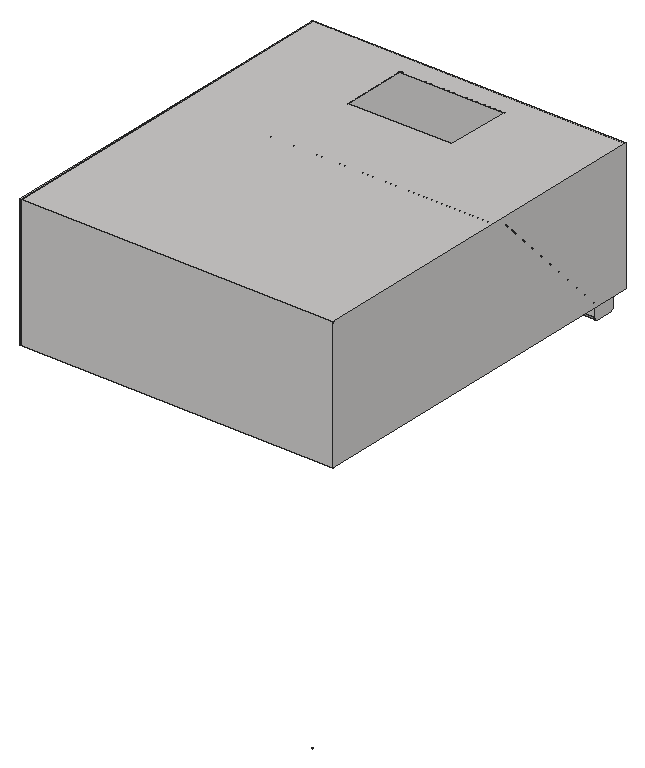
Revit family "QF_ELECTROLUXPROFESSIONAL_642023_EP1412T", category Specialty Equipment, Revit 2014
Reference planes
  plane 1: z = 0
  plane 2 "Center (Left/Right)": x = 150
  plane 3 "LEFT": x = -450
  plane 4 "RIGHT": x = 750
  plane 5 "BACK": y = 550
  plane 6 "TOP": z = 2500
  plane 7 "Base": z = 2000
  plane 8: z = 1926
  plane 9 "DrainY": y = 485
  plane 10: x = -447
  plane 11: through (0, 414.509, 2000.8) normal (0, 0.7314, 0.682)
  plane 12: y = 470
  plane 13: y = 220
  plane 14 "DrainX": x = 630
  plane 15: x = -50
  plane 16: x = 350
  plane 17: x = 747
  plane 18: x = 540
  plane 19: x = 720
  plane 20: x = -410
  plane 21: x = 710
  plane 22: x = -47.5
  plane 23: x = 347.5
  plane 24 "Center (Front/Back)": y = -150
  plane 25 "Front": y = -850
Forms (mm)
  Extrusion 1, solid, material "QF_Finishes_Stainless Steel"
    sketch origin (-450, 0, 360) x (0, 1, 0) y (0, 0, 1)
      loop
        line (550, 1640) -> (550, 2140) -> (-850, 2140) -> (-850, 1640) -> (550, 1640)
    from 0 to 3
  Extrusion 2, solid, material "QF_Finishes_Stainless Steel"
    sketch origin (150, 0, 360) x (0, 1, 0) y (0, 0, 1)
      loop
        line (415.255, 1640) -> (550, 1640) -> (550, 2139.19) -> (549.2, 2139.19) -> (549.2, 1640.8) -> (415.876, 1640.8) -> (339.347, 1722.867) -> (349.609, 1732.436) -> (348.927, 1733.167) -> (337.934, 1722.917) -> (415.255, 1640)
      loop
        line (-82.203, 2139.19) -> (-82.203, 2118.6) -> (-31.047, 2118.6) -> (34.354, 2048.466) -> (46.028, 2059.352) -> (45.346, 2060.083) -> (34.403, 2049.879) -> (-30.612, 2119.6) -> (-81.203, 2119.6) -> (-81.203, 2139.19) -> (-82.203, 2139.19)
    from -597 to 597
  Extrusion 3, solid, material "QF_Finishes_Stainless Steel"
    sketch origin (750, 0, 360) x (0, 1, 0) y (0, 0, 1)
      loop
        line (550, 1640) -> (550, 2140) -> (-850, 2140) -> (-850, 1640) -> (550, 1640)
    from 0 to -3
  Extrusion 4, solid, material "QF_Finishes_Stainless Steel"
    sketch origin (150, 0, 360) x (0, 1, 0) y (0, 0, 1)
      loop
        line (-850, 2140) -> (-850, 1640) -> (-849.2, 1640) -> (-849.2, 2139.19) -> (550, 2139.19) -> (550, 2140) -> (-850, 2140)
    from -600 to 600
  Extrusion 5, solid, material "QF_Finishes_Stainless Steel"
    sketch origin (150, 0, 360) x (0, 1, 0) y (0, 0, 1)
      loop
        line (534, 1640) -> (436, 1640) -> (436, 1627) -> (443.5, 1627) -> (443.5, 1576)
        arc (443.5, 1576) -> (446.429, 1568.929) -> (453.5, 1566) r 10
        line (453.5, 1566) -> (516.5, 1566)
        arc (516.5, 1566) -> (523.571, 1568.929) -> (526.5, 1576) r 10
        line (526.5, 1576) -> (526.5, 1627) -> (534, 1627) -> (534, 1640)
    from 390 to 570
  Extrusion 6, solid, material "QF_Finishes_Stainless Steel"
    sketch origin (0, 0, 2000) x (0, 1, 0) y (-1, 0, 0)
      loop
        circle (485, -630) r 20
    from -76 to -74
  Extrusion 7, solid, material "QF_Finished_Chrome"
    sketch origin (150, 0, 360) x (0, 1, 0) y (0, 0, 1)
      loop
        line (337.934, 1722.917) -> (341.591, 1726.327) -> (38.011, 2051.876) -> (34.354, 2048.466) -> (337.934, 1722.917)
    from -197.5 to -560
  Extrusion 8, solid, material "QF_Finishes_Stainless Steel"
    sketch origin (150, 0, 360) x (0, 1, 0) y (0, 0, 1)
      loop
        line (337.934, 1722.917) -> (341.591, 1726.327) -> (38.011, 2051.876) -> (34.354, 2048.466) -> (337.934, 1722.917)
    from 597 to 560
  Extrusion 9, solid, material "QF_Finished_Chrome"
    sketch origin (150, 0, 360) x (0, 1, 0) y (0, 0, 1)
      loop
        line (341.588, 1726.324) -> (38.009, 2051.874) -> (34.354, 2048.466) -> (337.934, 1722.917) -> (341.588, 1726.324)
    from 197.5 to 560
  Extrusion 10, void
    sketch origin (0, 0, 2500) x (0, 1, 0) y (-1, 0, 0)
      loop
        line (470, -350) -> (470, 50) -> (220, 50) -> (220, -350) -> (470, -350)
    from 0 to -10
  Extrusion 11, solid, material "QF_Finishes_Stainless Steel"
    sketch origin (0, 0, 0) x (1, 0, 0) y (0, 1, 0)
      loop
        line (-450, 550) -> (-450, 549) -> (-449, 549) -> (-449, 550) -> (-450, 550)
    from 0 to 1
  Extrusion 12, solid, material "QF_Finishes_Stainless Steel"
    sketch origin (150, 0, 360) x (0, 1, 0) y (0, 0, 1)
      loop
        line (337.934, 1722.917) -> (341.591, 1726.327) -> (38.011, 2051.876) -> (34.354, 2048.466) -> (337.934, 1722.917)
    from -560 to -597
  Extrusion 13, solid, material "QF_Finishes_Stainless Steel"
    sketch origin (150, 0, 360) x (0, 1, 0) y (0, 0, 1)
      loop
        line (337.934, 1722.917) -> (341.591, 1726.327) -> (38.011, 2051.876) -> (34.354, 2048.466) -> (337.934, 1722.917)
    from 197.5 to -197.5
Cuts and joins
  Extrusion 10 cuts Extrusion 4
  joined: Extrusion 2, Extrusion 4
Lines and regions (mm)
  reference lines
    curve 1: line (150, 34.354, 2408.466) -> (150, 34.354, 2248.466)
  symbolic lines, style "SpecialityEquipment", detail levels coarse
    curve 2: line (750, 550, 2500) -> (-450, 550, 2500)
    curve 3: line (-450, 550, 2500) -> (-450, -850, 2500)
    curve 4: line (750, -850, 2500) -> (750, 550, 2500)
    curve 5: line (-450, -850, 2500) -> (750, -850, 2500)
    curve 6: line (350, 220, 2500) -> (-50, 220, 2500)
    curve 7: line (350, 470, 2500) -> (350, 220, 2500)
    curve 8: line (-50, 470, 2500) -> (350, 470, 2500)
    curve 9: line (-50, 220, 2500) -> (-50, 470, 2500)
    curve 10: line (-450, 550, 0) -> (750, -850, 0)
    curve 11: line (750, 550, 0) -> (-450, -850, 0)
Dimensions and locks
  plane 3 "LEFT" to plane 4 "RIGHT" = 1200 mm
  equal spacing: plane 3 "LEFT", plane 2 "Center (Left/Right)", plane 4 "RIGHT"
  plane 7 "Base" to plane 8 = 74 mm
  plane 5 "BACK" to plane 9 "DrainY" = 65 mm  (x2)
  plane 3 "LEFT" to plane 10 = 3 mm
  plane 5 "BACK" to plane 12 = 80 mm
  plane 12 to plane 13 = 250 mm  (x2)
  plane 14 "DrainX" to plane 4 "RIGHT" = 120 mm
  plane 17 to plane 4 "RIGHT" = 3 mm
  locked: plane 18 to plane 14 "DrainX" at 90
  locked: plane 14 "DrainX" to plane 19 at 90
  plane 12 to plane 5 "BACK" = 80 mm
  locked: plane 3 "LEFT" to plane 20 at 40
  locked: plane 21 to plane 4 "RIGHT" at 40
  locked: plane 22 to plane 23 at 395
  equal spacing: plane 22, plane 2 "Center (Left/Right)", plane 23
  locked: plane 15 to plane 16 at 400
  equal spacing: plane 15, plane 2 "Center (Left/Right)", plane 16
  locked: plane 7 "Base" to level at 2000
  locked: plane 6 "TOP" to plane 7 "Base" at 500
  plane 5 "BACK" to plane 25 "Front" = 1400 mm  (x2)
  equal spacing: plane 5 "BACK", plane 24 "Center (Front/Back)", plane 25 "Front"
  aligned and locked: level to plane 1
  aligned and locked: Extrusion 2 to Extrusion 1
  aligned and locked: Extrusion 2 to Extrusion 3
  aligned and locked: plane 4 "RIGHT" to Extrusion 4
  aligned and locked: Extrusion 4 to plane 3 "LEFT"
  aligned and locked: plane 17 to Extrusion 8
  aligned and locked: Extrusion 10 to plane 15
  aligned and locked: Extrusion 10 to plane 13
  aligned and locked: Extrusion 10 to plane 12
  aligned and locked: Extrusion 2 to Extrusion 4
  aligned and locked: plane 19 to Extrusion 5
  aligned and locked: Extrusion 5 to plane 18
  aligned and locked: Extrusion 8 to plane 21
  aligned and locked: Extrusion 9 to plane 21
  aligned and locked: Extrusion 7 to plane 20
  aligned and locked: Extrusion 12 to plane 10
  aligned and locked: plane 20 to Extrusion 12
  aligned and locked: Extrusion 3 to plane 17
  aligned and locked: Extrusion 10 to plane 16
  aligned and locked: plane 16 to curve 7
  aligned and locked: plane 23 to Extrusion 13
  aligned and locked: Extrusion 13 to plane 22
  aligned and locked: Extrusion 9 to plane 23
Automatic sketch dimensions
  Extrusion 2 sketch curve to plane 11 = 0 mm  (x3)
  Extrusion 2 sketch curve to plane 7 "Base" = 0 mm
  plane 11 to Extrusion 2 sketch curve = 0 mm
  Extrusion 2 sketch curve to plane 5 "BACK" = 0 mm
  Extrusion 2 sketch curve to Extrusion 2 sketch curve = 65.646 mm
  Extrusion 2 sketch curve to Extrusion 2 sketch curve = 0.682 mm  (x2)
  Extrusion 2 sketch curve to Extrusion 2 sketch curve = 10.261 mm
  plane 7 "Base" to Extrusion 2 sketch curve = 82.917 mm
  Extrusion 2 sketch curve to Extrusion 2 sketch curve = 10.942 mm
  Extrusion 2 sketch curve to Extrusion 2 sketch curve = 0.049 mm
  Extrusion 2 sketch curve to plane 6 "TOP" = 20.4 mm
  Extrusion 2 sketch curve to plane 6 "TOP" = 21.4 mm
  Extrusion 2 sketch curve to plane 6 "TOP" = 0.81 mm  (x2)
  Extrusion 2 sketch curve to Extrusion 2 sketch curve = 50.156 mm
  Extrusion 2 sketch curve to Extrusion 2 sketch curve = 1 mm
  plane 7 "Base" to Extrusion 2 sketch curve = 0.8 mm
  Extrusion 2 sketch curve to plane 5 "BACK" = 0.8 mm
  Extrusion 3 sketch curve to plane 7 "Base" = 0 mm
  Extrusion 3 sketch curve to plane 5 "BACK" = 0 mm
  Extrusion 3 sketch curve to plane 6 "TOP" = 0 mm
  Extrusion 4 sketch curve to plane 5 "BACK" = 0 mm
  Extrusion 4 sketch curve to plane 6 "TOP" = 0 mm
  Extrusion 4 sketch curve to plane 6 "TOP" = 0.81 mm
  curve 1 to plane 11 = 0 mm
  Extrusion 5 sketch curve to plane 7 "Base" = 0 mm
  Extrusion 5 sketch curve to plane 8 = 0 mm
  Extrusion 5 sketch curve to plane 7 "Base" = 13 mm  (x2)
  plane 12 to Extrusion 5 sketch curve = 34 mm
  Extrusion 5 sketch curve to Extrusion 5 sketch curve = 7.5 mm  (x2)
  Extrusion 5 sketch curve to Extrusion 5 sketch curve = 10 mm
  plane 9 "DrainY" to Extrusion 5 sketch curve = 31.5 mm
  Extrusion 5 sketch curve to plane 5 "BACK" = 23.5 mm
  Extrusion 6 sketch curve to plane 9 "DrainY" = 0 mm
  Extrusion 6 sketch curve to plane 14 "DrainX" = 0 mm
  Extrusion 7 sketch curve to plane 11 = 0 mm  (x2)
  Extrusion 7 sketch curve to Extrusion 7 sketch curve = 3.657 mm
  plane 7 "Base" to Extrusion 7 sketch curve = 82.917 mm
  Extrusion 8 sketch curve to plane 11 = 0 mm  (x2)
  Extrusion 8 sketch curve to Extrusion 8 sketch curve = 3.657 mm
  plane 7 "Base" to Extrusion 8 sketch curve = 82.917 mm
  Extrusion 9 sketch curve to plane 11 = 0 mm  (x2)
  Extrusion 9 sketch curve to Extrusion 9 sketch curve = 3.655 mm
  plane 7 "Base" to Extrusion 9 sketch curve = 82.917 mm
  Extrusion 10 sketch curve to plane 13 = 0 mm
  plane 12 to Extrusion 10 sketch curve = 0 mm
  Extrusion 10 sketch curve to plane 16 = 0 mm
  Extrusion 10 sketch curve to plane 15 = 0 mm
  Extrusion 11 sketch curve to plane 3 "LEFT" = 0 mm
  Extrusion 11 sketch curve to plane 5 "BACK" = 0 mm
  plane 3 "LEFT" to Extrusion 11 sketch curve = 1 mm
  Extrusion 11 sketch curve to Extrusion 11 sketch curve = 1 mm
  Extrusion 12 sketch curve to plane 11 = 0 mm  (x2)
  Extrusion 12 sketch curve to Extrusion 12 sketch curve = 3.657 mm
  plane 7 "Base" to Extrusion 12 sketch curve = 82.917 mm
  Extrusion 13 sketch curve to plane 11 = 0 mm  (x2)
  Extrusion 13 sketch curve to Extrusion 13 sketch curve = 3.657 mm
  plane 7 "Base" to Extrusion 13 sketch curve = 82.917 mm
  Extrusion 1 sketch curve to plane 5 "BACK" = 0 mm
  Extrusion 1 sketch curve to plane 6 "TOP" = 0 mm
  Extrusion 1 sketch curve to plane 7 "Base" = 0 mm
  Extrusion 4 sketch curve to plane 7 "Base" = 0 mm
  curve 1 to curve 1 = 160 mm
  Extrusion 4 sketch curve to Extrusion 4 sketch curve = 0.8 mm
  Extrusion 1 sketch curve to plane 13 = 1070 mm
  Extrusion 2 sketch curve to plane 6 "TOP" = 91.534 mm
  Extrusion 3 sketch curve to plane 13 = 1070 mm
  Extrusion 4 sketch curve to plane 13 = 1069.2 mm
  curve 1 to plane 13 = 185.646 mm
  Extrusion 7 sketch curve to plane 6 "TOP" = 88.124 mm
  Extrusion 8 sketch curve to plane 6 "TOP" = 88.124 mm
  Extrusion 9 sketch curve to plane 6 "TOP" = 88.126 mm
  Extrusion 12 sketch curve to plane 6 "TOP" = 88.124 mm
  Extrusion 13 sketch curve to plane 6 "TOP" = 88.124 mm
  curve 11 to plane 3 "LEFT" = 0 mm
  curve 10 to plane 3 "LEFT" = 0 mm
  curve 11 to plane 4 "RIGHT" = 0 mm
  curve 10 to plane 4 "RIGHT" = 0 mm
  plane 25 "Front" to curve 10 = 0 mm
  plane 25 "Front" to curve 11 = 0 mm
  curve 11 to plane 5 "BACK" = 0 mm
  curve 10 to plane 5 "BACK" = 0 mm
  curve 3 to plane 3 "LEFT" = 0 mm
  plane 25 "Front" to curve 3 = 0 mm
  curve 4 to plane 4 "RIGHT" = 0 mm
  curve 6 to plane 13 = 0 mm
  plane 12 to curve 8 = 0 mm
  curve 3 to plane 5 "BACK" = 0 mm
  curve 6 to plane 15 = 0 mm
  radius of Extrusion 6 sketch curve = 20 mm
Connectors
  piping at (630, 485, 1924), diameter 20
    settings: on Extrusion 6, index 1, connector inside diameter 609.6 mm, connector length 0 mm, flow factor 0, pipe flow 0.0 L/s, pressure drop 0.0 Pa, fitting loss kfactor 0, connector angle 0.00°, fixture units 0, engagement length 0 mm, angle of deflection 0.00°, flow configuration 1, flow direction 2, fitting loss method 0, system type 16, joint type 0, gender type 0, connector reference index -1, connector utility 0, adjustable connector no, is connector primary yes, connector description "Drain"
  hvac at (150, 345, 2500)
    settings: on Extrusion 10, index 2, duct flow 0.0 L/s, flow factor 0, pres drop 0.0 Pa, loss coef 0, conn angle 0.00°, conn width 250 mm, conn height 400 mm, conn diameter 609.6 mm, duct sys type 3, conn prof type 1, flow config 0, flow direction 2, loss method 0, conn ref index -1, conn util no, is conn primary yes, conn desc "EXHAUST OUTLET"
